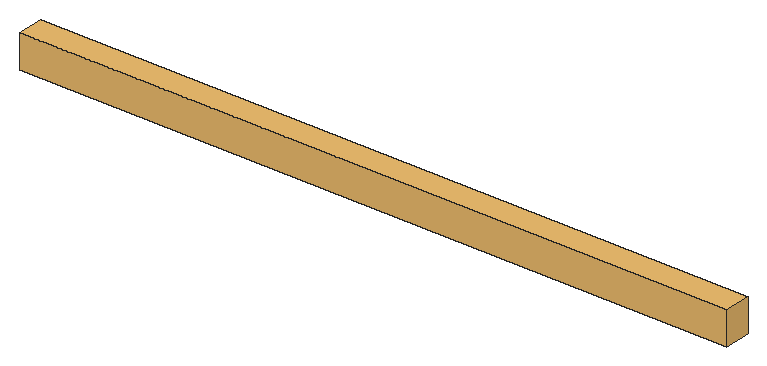
Revit family "BUS_Straight Length 400A", category Electrical Equipment, Revit 2025
Family settings
  Panel Configuration = Two Columns, Circuits Across
  Round Connector Dimension = Use Diameter
  Part Type = Panelboard
  OmniClass Number = 23.80.30.11.17
  OmniClass Title = Distribution Boards and Control Panels
  Work Plane-Based = No
  Always vertical = Yes
  Cut with Voids When Loaded = No
  Maintain Annotation Orientation = No
  Shared = No
  Room Calculation Point = No
Parameters (values of type "400A Cu 4P+PE")
  built-in parameter 1140142 [instance] = -1
  Section Length [instance] = 3000 mm
  built-in parameter 1140140 [instance] = 1 (stored number, unit not read)
  built-in parameter 1155100 [instance] = -1
  Default Elevation = 0 mm
Reference planes
  plane 1 "Center (Front/Back)": y = 0
  plane 2: z = 0
  plane 3 "Center (Left/Right)": x = 0
Forms (mm)
  Extrusion 1, solid, material "Busduct 400A"
    sketch origin (0, 0, 0) x (0, 1, 0) y (0, 0, 1)
      loop
        line (-55, -70) -> (55, -70) -> (55, 70) -> (-55, 70) -> (-55, -70)
    from 0 to 3000 <- "Section Length"
Dimensions and locks
  aligned and locked: level to plane 2
